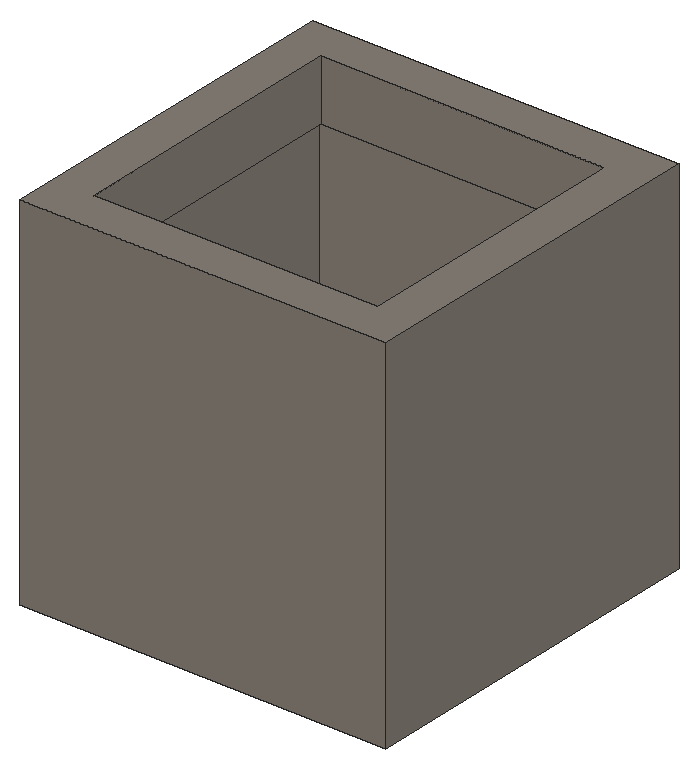
Revit family "Specialty_Equipment-Fiberglass_Planter-Planters_Unlimited-Baxter-Rectangular & Square-rev", category Specialty Equipment, Revit 2023 (continued)
Types (596): name | Type Comments | Description | CD_Width | CD_Specification | CD_Product Page URL | CD_Height | CD_Length
  108"L x 15"W x 24"H | "Rectangular Planter" | "Baxter Rectangular Planter" | 15.0" | "https://www.plantersunlimited.com/content/Planters/C19-LYN-REC.pdf" | "https://www.plantersunlimited.com/lynx-rectangular-planters48/" | 24.0" | 108.0"
  108"L x 15"W x 30"H | "Rectangular Planter" | "Baxter Rectangular Planter" | 15.0" | "https://www.plantersunlimited.com/content/Planters/C19-LYN-REC.pdf" | "https://www.plantersunlimited.com/lynx-rectangular-planters48/" | 30.0" | 108.0"
  108"L x 15"W x 36"H | "Rectangular Planter" | "Baxter Rectangular Planter" | 15.0" | "https://www.plantersunlimited.com/content/Planters/C19-LYN-REC.pdf" | "https://www.plantersunlimited.com/lynx-rectangular-planters48/" | 36.0" | 108.0"
  108"L x 15"W x 42"H | "Rectangular Planter" | "Baxter Rectangular Planter" | 15.0" | "https://www.plantersunlimited.com/content/Planters/C19-LYN-REC.pdf" | "https://www.plantersunlimited.com/lynx-rectangular-planters48/" | 42.0" | 108.0"
  108"L x 15"W x 48"H | "Rectangular Planter" | "Baxter Rectangular Planter" | 15.0" | "https://www.plantersunlimited.com/content/Planters/C19-LYN-REC.pdf" | "https://www.plantersunlimited.com/lynx-rectangular-planters48/" | 48.0" | 108.0"
  108"L x 18"W x 18"H | "Rectangular Planter" | "Baxter Rectangular Planter" | 18.0" | "https://www.plantersunlimited.com/content/Planters/C19-LYN-REC.pdf" | "https://www.plantersunlimited.com/lynx-rectangular-planters48/" | 18.0" | 108.0"
  108"L x 18"W x 24"H | "Rectangular Planter" | "Baxter Rectangular Planter" | 18.0" | "https://www.plantersunlimited.com/content/Planters/C19-LYN-REC.pdf" | "https://www.plantersunlimited.com/lynx-rectangular-planters48/" | 24.0" | 108.0"
  108"L x 18"W x 30"H | "Rectangular Planter" | "Baxter Rectangular Planter" | 18.0" | "https://www.plantersunlimited.com/content/Planters/C19-LYN-REC.pdf" | "https://www.plantersunlimited.com/lynx-rectangular-planters48/" | 30.0" | 108.0"
  108"L x 18"W x 36"H | "Rectangular Planter" | "Baxter Rectangular Planter" | 18.0" | "https://www.plantersunlimited.com/content/Planters/C19-LYN-REC.pdf" | "https://www.plantersunlimited.com/lynx-rectangular-planters48/" | 36.0" | 108.0"
  108"L x 18"W x 42"H | "Rectangular Planter" | "Baxter Rectangular Planter" | 18.0" | "https://www.plantersunlimited.com/content/Planters/C19-LYN-REC.pdf" | "https://www.plantersunlimited.com/lynx-rectangular-planters48/" | 42.0" | 108.0"
  108"L x 18"W x 48"H | "Rectangular Planter" | "Baxter Rectangular Planter" | 18.0" | "https://www.plantersunlimited.com/content/Planters/C19-LYN-REC.pdf" | "https://www.plantersunlimited.com/lynx-rectangular-planters48/" | 48.0" | 108.0"
  108"L x 24"W x 18"H | "Rectangular Planter" | "Baxter Rectangular Planter" | 24.0" | "https://www.plantersunlimited.com/content/Planters/C19-LYN-REC.pdf" | "https://www.plantersunlimited.com/lynx-rectangular-planters48/" | 18.0" | 108.0"
  108"L x 24"W x 24"H | "Rectangular Planter" | "Baxter Rectangular Planter" | 24.0" | "https://www.plantersunlimited.com/content/Planters/C19-LYN-REC.pdf" | "https://www.plantersunlimited.com/lynx-rectangular-planters48/" | 24.0" | 108.0"
  108"L x 24"W x 30"H | "Rectangular Planter" | "Baxter Rectangular Planter" | 24.0" | "https://www.plantersunlimited.com/content/Planters/C19-LYN-REC.pdf" | "https://www.plantersunlimited.com/lynx-rectangular-planters48/" | 30.0" | 108.0"
  108"L x 24"W x 36"H | "Rectangular Planter" | "Baxter Rectangular Planter" | 24.0" | "https://www.plantersunlimited.com/content/Planters/C19-LYN-REC.pdf" | "https://www.plantersunlimited.com/lynx-rectangular-planters48/" | 36.0" | 108.0"
  108"L x 24"W x 42"H | "Rectangular Planter" | "Baxter Rectangular Planter" | 24.0" | "https://www.plantersunlimited.com/content/Planters/C19-LYN-REC.pdf" | "https://www.plantersunlimited.com/lynx-rectangular-planters48/" | 42.0" | 108.0"
  108"L x 24"W x 48"H | "Rectangular Planter" | "Baxter Rectangular Planter" | 24.0" | "https://www.plantersunlimited.com/content/Planters/C19-LYN-REC.pdf" | "https://www.plantersunlimited.com/lynx-rectangular-planters48/" | 48.0" | 108.0"
  108"L x 30"W x 18"H | "Rectangular Planter" | "Baxter Rectangular Planter" | 30.0" | "https://www.plantersunlimited.com/content/Planters/C19-LYN-REC.pdf" | "https://www.plantersunlimited.com/lynx-rectangular-planters48/" | 18.0" | 108.0"
  108"L x 30"W x 24"H | "Rectangular Planter" | "Baxter Rectangular Planter" | 30.0" | "https://www.plantersunlimited.com/content/Planters/C19-LYN-REC.pdf" | "https://www.plantersunlimited.com/lynx-rectangular-planters48/" | 24.0" | 108.0"
  108"L x 30"W x 30"H | "Rectangular Planter" | "Baxter Rectangular Planter" | 30.0" | "https://www.plantersunlimited.com/content/Planters/C19-LYN-REC.pdf" | "https://www.plantersunlimited.com/lynx-rectangular-planters48/" | 30.0" | 108.0"
  108"L x 30"W x 36"H | "Rectangular Planter" | "Baxter Rectangular Planter" | 30.0" | "https://www.plantersunlimited.com/content/Planters/C19-LYN-REC.pdf" | "https://www.plantersunlimited.com/lynx-rectangular-planters48/" | 36.0" | 108.0"
  108"L x 30"W x 42"H | "Rectangular Planter" | "Baxter Rectangular Planter" | 30.0" | "https://www.plantersunlimited.com/content/Planters/C19-LYN-REC.pdf" | "https://www.plantersunlimited.com/lynx-rectangular-planters48/" | 42.0" | 108.0"
  108"L x 30"W x 48"H | "Rectangular Planter" | "Baxter Rectangular Planter" | 30.0" | "https://www.plantersunlimited.com/content/Planters/C19-LYN-REC.pdf" | "https://www.plantersunlimited.com/lynx-rectangular-planters48/" | 48.0" | 108.0"
  108"L x 36"W x 18"H | "Rectangular Planter" | "Baxter Rectangular Planter" | 36.0" | "https://www.plantersunlimited.com/content/Planters/C19-LYN-REC.pdf" | "https://www.plantersunlimited.com/lynx-rectangular-planters48/" | 18.0" | 108.0"
  108"L x 36"W x 24"H | "Rectangular Planter" | "Baxter Rectangular Planter" | 36.0" | "https://www.plantersunlimited.com/content/Planters/C19-LYN-REC.pdf" | "https://www.plantersunlimited.com/lynx-rectangular-planters48/" | 24.0" | 108.0"
  108"L x 36"W x 30"H | "Rectangular Planter" | "Baxter Rectangular Planter" | 36.0" | "https://www.plantersunlimited.com/content/Planters/C19-LYN-REC.pdf" | "https://www.plantersunlimited.com/lynx-rectangular-planters48/" | 30.0" | 108.0"
  108"L x 36"W x 36"H | "Rectangular Planter" | "Baxter Rectangular Planter" | 36.0" | "https://www.plantersunlimited.com/content/Planters/C19-LYN-REC.pdf" | "https://www.plantersunlimited.com/lynx-rectangular-planters48/" | 36.0" | 108.0"
  108"L x 36"W x 42"H | "Rectangular Planter" | "Baxter Rectangular Planter" | 36.0" | "https://www.plantersunlimited.com/content/Planters/C19-LYN-REC.pdf" | "https://www.plantersunlimited.com/lynx-rectangular-planters48/" | 42.0" | 108.0"
  108"L x 36"W x 48"H | "Rectangular Planter" | "Baxter Rectangular Planter" | 36.0" | "https://www.plantersunlimited.com/content/Planters/C19-LYN-REC.pdf" | "https://www.plantersunlimited.com/lynx-rectangular-planters48/" | 48.0" | 108.0"
  108"L x 42"W x 18"H | "Rectangular Planter" | "Baxter Rectangular Planter" | 42.0" | "https://www.plantersunlimited.com/content/Planters/C19-LYN-REC.pdf" | "https://www.plantersunlimited.com/lynx-rectangular-planters48/" | 18.0" | 108.0"
  108"L x 42"W x 24"H | "Rectangular Planter" | "Baxter Rectangular Planter" | 42.0" | "https://www.plantersunlimited.com/content/Planters/C19-LYN-REC.pdf" | "https://www.plantersunlimited.com/lynx-rectangular-planters48/" | 24.0" | 108.0"
  108"L x 42"W x 30"H | "Rectangular Planter" | "Baxter Rectangular Planter" | 42.0" | "https://www.plantersunlimited.com/content/Planters/C19-LYN-REC.pdf" | "https://www.plantersunlimited.com/lynx-rectangular-planters48/" | 30.0" | 108.0"
  108"L x 42"W x 36"H | "Rectangular Planter" | "Baxter Rectangular Planter" | 42.0" | "https://www.plantersunlimited.com/content/Planters/C19-LYN-REC.pdf" | "https://www.plantersunlimited.com/lynx-rectangular-planters48/" | 36.0" | 108.0"
  108"L x 42"W x 42"H | "Rectangular Planter" | "Baxter Rectangular Planter" | 42.0" | "https://www.plantersunlimited.com/content/Planters/C19-LYN-REC.pdf" | "https://www.plantersunlimited.com/lynx-rectangular-planters48/" | 42.0" | 108.0"
  108"L x 42"W x 48"H | "Rectangular Planter" | "Baxter Rectangular Planter" | 42.0" | "https://www.plantersunlimited.com/content/Planters/C19-LYN-REC.pdf" | "https://www.plantersunlimited.com/lynx-rectangular-planters48/" | 48.0" | 108.0"
  120"L x 12"W x 18"H | "Rectangular Planter" | "Baxter Rectangular Planter" | 12.0" | "https://www.plantersunlimited.com/content/Planters/C19-LYN-REC.pdf" | "https://www.plantersunlimited.com/lynx-rectangular-planters48/" | 18.0" | 120.0"
  120"L x 12"W x 24"H | "Rectangular Planter" | "Baxter Rectangular Planter" | 12.0" | "https://www.plantersunlimited.com/content/Planters/C19-LYN-REC.pdf" | "https://www.plantersunlimited.com/lynx-rectangular-planters48/" | 24.0" | 120.0"
  120"L x 12"W x 30"H | "Rectangular Planter" | "Baxter Rectangular Planter" | 12.0" | "https://www.plantersunlimited.com/content/Planters/C19-LYN-REC.pdf" | "https://www.plantersunlimited.com/lynx-rectangular-planters48/" | 30.0" | 120.0"
  120"L x 12"W x 36"H | "Rectangular Planter" | "Baxter Rectangular Planter" | 12.0" | "https://www.plantersunlimited.com/content/Planters/C19-LYN-REC.pdf" | "https://www.plantersunlimited.com/lynx-rectangular-planters48/" | 36.0" | 120.0"
  120"L x 15"W x 18"H | "Rectangular Planter" | "Baxter Rectangular Planter" | 15.0" | "https://www.plantersunlimited.com/content/Planters/C19-LYN-REC.pdf" | "https://www.plantersunlimited.com/lynx-rectangular-planters48/" | 18.0" | 120.0"
  120"L x 15"W x 24"H | "Rectangular Planter" | "Baxter Rectangular Planter" | 15.0" | "https://www.plantersunlimited.com/content/Planters/C19-LYN-REC.pdf" | "https://www.plantersunlimited.com/lynx-rectangular-planters48/" | 24.0" | 120.0"
  120"L x 15"W x 30"H | "Rectangular Planter" | "Baxter Rectangular Planter" | 15.0" | "https://www.plantersunlimited.com/content/Planters/C19-LYN-REC.pdf" | "https://www.plantersunlimited.com/lynx-rectangular-planters48/" | 30.0" | 120.0"
  120"L x 15"W x 36"H | "Rectangular Planter" | "Baxter Rectangular Planter" | 15.0" | "https://www.plantersunlimited.com/content/Planters/C19-LYN-REC.pdf" | "https://www.plantersunlimited.com/lynx-rectangular-planters48/" | 36.0" | 120.0"
  120"L x 15"W x 42"H | "Rectangular Planter" | "Baxter Rectangular Planter" | 15.0" | "https://www.plantersunlimited.com/content/Planters/C19-LYN-REC.pdf" | "https://www.plantersunlimited.com/lynx-rectangular-planters48/" | 42.0" | 120.0"
  120"L x 15"W x 48"H | "Rectangular Planter" | "Baxter Rectangular Planter" | 15.0" | "https://www.plantersunlimited.com/content/Planters/C19-LYN-REC.pdf" | "https://www.plantersunlimited.com/lynx-rectangular-planters48/" | 48.0" | 120.0"
  120"L x 18"W x 18"H | "Rectangular Planter" | "Baxter Rectangular Planter" | 18.0" | "https://www.plantersunlimited.com/content/Planters/C19-LYN-REC.pdf" | "https://www.plantersunlimited.com/lynx-rectangular-planters48/" | 18.0" | 120.0"
  120"L x 18"W x 24"H | "Rectangular Planter" | "Baxter Rectangular Planter" | 18.0" | "https://www.plantersunlimited.com/content/Planters/C19-LYN-REC.pdf" | "https://www.plantersunlimited.com/lynx-rectangular-planters48/" | 24.0" | 120.0"
  120"L x 18"W x 30"H | "Rectangular Planter" | "Baxter Rectangular Planter" | 18.0" | "https://www.plantersunlimited.com/content/Planters/C19-LYN-REC.pdf" | "https://www.plantersunlimited.com/lynx-rectangular-planters48/" | 30.0" | 120.0"
  120"L x 18"W x 36"H | "Rectangular Planter" | "Baxter Rectangular Planter" | 18.0" | "https://www.plantersunlimited.com/content/Planters/C19-LYN-REC.pdf" | "https://www.plantersunlimited.com/lynx-rectangular-planters48/" | 36.0" | 120.0"
  120"L x 18"W x 42"H | "Rectangular Planter" | "Baxter Rectangular Planter" | 18.0" | "https://www.plantersunlimited.com/content/Planters/C19-LYN-REC.pdf" | "https://www.plantersunlimited.com/lynx-rectangular-planters48/" | 42.0" | 120.0"
  120"L x 18"W x 48"H | "Rectangular Planter" | "Baxter Rectangular Planter" | 18.0" | "https://www.plantersunlimited.com/content/Planters/C19-LYN-REC.pdf" | "https://www.plantersunlimited.com/lynx-rectangular-planters48/" | 48.0" | 120.0"
  120"L x 24"W x 18"H | "Rectangular Planter" | "Baxter Rectangular Planter" | 24.0" | "https://www.plantersunlimited.com/content/Planters/C19-LYN-REC.pdf" | "https://www.plantersunlimited.com/lynx-rectangular-planters48/" | 18.0" | 120.0"
  120"L x 24"W x 24"H | "Rectangular Planter" | "Baxter Rectangular Planter" | 24.0" | "https://www.plantersunlimited.com/content/Planters/C19-LYN-REC.pdf" | "https://www.plantersunlimited.com/lynx-rectangular-planters48/" | 24.0" | 120.0"
  120"L x 24"W x 30"H | "Rectangular Planter" | "Baxter Rectangular Planter" | 24.0" | "https://www.plantersunlimited.com/content/Planters/C19-LYN-REC.pdf" | "https://www.plantersunlimited.com/lynx-rectangular-planters48/" | 30.0" | 120.0"
  120"L x 24"W x 36"H | "Rectangular Planter" | "Baxter Rectangular Planter" | 24.0" | "https://www.plantersunlimited.com/content/Planters/C19-LYN-REC.pdf" | "https://www.plantersunlimited.com/lynx-rectangular-planters48/" | 36.0" | 120.0"
  120"L x 24"W x 42"H | "Rectangular Planter" | "Baxter Rectangular Planter" | 24.0" | "https://www.plantersunlimited.com/content/Planters/C19-LYN-REC.pdf" | "https://www.plantersunlimited.com/lynx-rectangular-planters48/" | 42.0" | 120.0"
  120"L x 24"W x 48"H | "Rectangular Planter" | "Baxter Rectangular Planter" | 24.0" | "https://www.plantersunlimited.com/content/Planters/C19-LYN-REC.pdf" | "https://www.plantersunlimited.com/lynx-rectangular-planters48/" | 48.0" | 120.0"
  120"L x 30"W x 18"H | "Rectangular Planter" | "Baxter Rectangular Planter" | 30.0" | "https://www.plantersunlimited.com/content/Planters/C19-LYN-REC.pdf" | "https://www.plantersunlimited.com/lynx-rectangular-planters48/" | 18.0" | 120.0"
  120"L x 30"W x 24"H | "Rectangular Planter" | "Baxter Rectangular Planter" | 30.0" | "https://www.plantersunlimited.com/content/Planters/C19-LYN-REC.pdf" | "https://www.plantersunlimited.com/lynx-rectangular-planters48/" | 24.0" | 120.0"
  120"L x 30"W x 30"H | "Rectangular Planter" | "Baxter Rectangular Planter" | 30.0" | "https://www.plantersunlimited.com/content/Planters/C19-LYN-REC.pdf" | "https://www.plantersunlimited.com/lynx-rectangular-planters48/" | 30.0" | 120.0"
  120"L x 30"W x 36"H | "Rectangular Planter" | "Baxter Rectangular Planter" | 30.0" | "https://www.plantersunlimited.com/content/Planters/C19-LYN-REC.pdf" | "https://www.plantersunlimited.com/lynx-rectangular-planters48/" | 36.0" | 120.0"
  120"L x 30"W x 42"H | "Rectangular Planter" | "Baxter Rectangular Planter" | 30.0" | "https://www.plantersunlimited.com/content/Planters/C19-LYN-REC.pdf" | "https://www.plantersunlimited.com/lynx-rectangular-planters48/" | 42.0" | 120.0"
  120"L x 30"W x 48"H | "Rectangular Planter" | "Baxter Rectangular Planter" | 30.0" | "https://www.plantersunlimited.com/content/Planters/C19-LYN-REC.pdf" | "https://www.plantersunlimited.com/lynx-rectangular-planters48/" | 48.0" | 120.0"
  120"L x 36"W x 18"H | "Rectangular Planter" | "Baxter Rectangular Planter" | 36.0" | "https://www.plantersunlimited.com/content/Planters/C19-LYN-REC.pdf" | "https://www.plantersunlimited.com/lynx-rectangular-planters48/" | 18.0" | 120.0"
  120"L x 36"W x 24"H | "Rectangular Planter" | "Baxter Rectangular Planter" | 36.0" | "https://www.plantersunlimited.com/content/Planters/C19-LYN-REC.pdf" | "https://www.plantersunlimited.com/lynx-rectangular-planters48/" | 24.0" | 120.0"
  120"L x 36"W x 30"H | "Rectangular Planter" | "Baxter Rectangular Planter" | 36.0" | "https://www.plantersunlimited.com/content/Planters/C19-LYN-REC.pdf" | "https://www.plantersunlimited.com/lynx-rectangular-planters48/" | 30.0" | 120.0"
  120"L x 36"W x 36"H | "Rectangular Planter" | "Baxter Rectangular Planter" | 36.0" | "https://www.plantersunlimited.com/content/Planters/C19-LYN-REC.pdf" | "https://www.plantersunlimited.com/lynx-rectangular-planters48/" | 36.0" | 120.0"
  120"L x 36"W x 42"H | "Rectangular Planter" | "Baxter Rectangular Planter" | 36.0" | "https://www.plantersunlimited.com/content/Planters/C19-LYN-REC.pdf" | "https://www.plantersunlimited.com/lynx-rectangular-planters48/" | 42.0" | 120.0"
  120"L x 36"W x 48"H | "Rectangular Planter" | "Baxter Rectangular Planter" | 36.0" | "https://www.plantersunlimited.com/content/Planters/C19-LYN-REC.pdf" | "https://www.plantersunlimited.com/lynx-rectangular-planters48/" | 48.0" | 120.0"
  120"L x 42"W x 18"H | "Rectangular Planter" | "Baxter Rectangular Planter" | 42.0" | "https://www.plantersunlimited.com/content/Planters/C19-LYN-REC.pdf" | "https://www.plantersunlimited.com/lynx-rectangular-planters48/" | 18.0" | 120.0"
  120"L x 42"W x 24"H | "Rectangular Planter" | "Baxter Rectangular Planter" | 42.0" | "https://www.plantersunlimited.com/content/Planters/C19-LYN-REC.pdf" | "https://www.plantersunlimited.com/lynx-rectangular-planters48/" | 24.0" | 120.0"
  120"L x 42"W x 30"H | "Rectangular Planter" | "Baxter Rectangular Planter" | 42.0" | "https://www.plantersunlimited.com/content/Planters/C19-LYN-REC.pdf" | "https://www.plantersunlimited.com/lynx-rectangular-planters48/" | 30.0" | 120.0"
  120"L x 42"W x 36"H | "Rectangular Planter" | "Baxter Rectangular Planter" | 42.0" | "https://www.plantersunlimited.com/content/Planters/C19-LYN-REC.pdf" | "https://www.plantersunlimited.com/lynx-rectangular-planters48/" | 36.0" | 120.0"
  120"L x 42"W x 42"H | "Rectangular Planter" | "Baxter Rectangular Planter" | 42.0" | "https://www.plantersunlimited.com/content/Planters/C19-LYN-REC.pdf" | "https://www.plantersunlimited.com/lynx-rectangular-planters48/" | 42.0" | 120.0"
  120"L x 42"W x 48"H | "Rectangular Planter" | "Baxter Rectangular Planter" | 42.0" | "https://www.plantersunlimited.com/content/Planters/C19-LYN-REC.pdf" | "https://www.plantersunlimited.com/lynx-rectangular-planters48/" | 48.0" | 120.0"
  18"L x 18"W x 18"H | "Square Planter" | "Baxter Square Planter" | 18.0" | "https://www.plantersunlimited.com/content/Planters/C19-LYN-REC.pdf" | "https://www.plantersunlimited.com/lynx-rectangular-planters48/" | 18.0" | 18.0"
  18"L x 18"W x 24"H | "Square Planter" | "Baxter Square Planter" | 18.0" | "https://www.plantersunlimited.com/content/Planters/C19-LYN-REC.pdf" | "https://www.plantersunlimited.com/lynx-rectangular-planters48/" | 24.0" | 18.0"
  18"L x 18"W x 30"H | "Square Planter" | "Baxter Square Planter" | 18.0" | "https://www.plantersunlimited.com/content/Planters/C19-LYN-REC.pdf" | "https://www.plantersunlimited.com/lynx-rectangular-planters48/" | 30.0" | 18.0"
  18"L x 18"W x 36"H | "Square Planter" | "Baxter Square Planter" | 18.0" | "https://www.plantersunlimited.com/content/Planters/C19-LYN-REC.pdf" | "https://www.plantersunlimited.com/lynx-rectangular-planters48/" | 36.0" | 18.0"
  18"L x 18"W x 42"H | "Square Planter" | "Baxter Square Planter" | 18.0" | "https://www.plantersunlimited.com/content/Planters/C19-LYN-REC.pdf" | "https://www.plantersunlimited.com/lynx-rectangular-planters48/" | 42.0" | 18.0"
  18"L x 18"W x 48"H | "Square Planter" | "Baxter Square Planter" | 18.0" | "https://www.plantersunlimited.com/content/Planters/C19-LYN-REC.pdf" | "https://www.plantersunlimited.com/lynx-rectangular-planters48/" | 48.0" | 18.0"
  18"L x 18"W x 54"H | "Square Planter" | "Baxter Square Planter" | 18.0" | "https://www.plantersunlimited.com/content/Planters/C19-LYN-REC.pdf" | "https://www.plantersunlimited.com/lynx-rectangular-planters48/" | 54.0" | 18.0"
  18"L x 18"W x 60"H | "Square Planter" | "Baxter Square Planter" | 18.0" | "https://www.plantersunlimited.com/content/Planters/C19-LYN-REC.pdf" | "https://www.plantersunlimited.com/lynx-rectangular-planters48/" | 60.0" | 18.0"
  24"L x 24"W x 18"H | "Square Planter" | "Baxter Square Planter" | 24.0" | "https://www.plantersunlimited.com/content/Planters/F1-BAX-REC.pdf" | "https://www.plantersunlimited.com/baxter-fiberglass-rectangular-planter/" | 18.0" | 24.0"
  24"L x 24"W x 24"H | "Square Planter" | "Baxter Square Planter" | 24.0" | "https://www.plantersunlimited.com/content/Planters/C19-LYN-REC.pdf" | "https://www.plantersunlimited.com/lynx-rectangular-planters48/" | 24.0" | 24.0"
  24"L x 24"W x 30"H | "Square Planter" | "Baxter Square Planter" | 24.0" | "https://www.plantersunlimited.com/content/Planters/C19-LYN-REC.pdf" | "https://www.plantersunlimited.com/lynx-rectangular-planters48/" | 30.0" | 24.0"
  24"L x 24"W x 36"H | "Square Planter" | "Baxter Square Planter" | 24.0" | "https://www.plantersunlimited.com/content/Planters/C19-LYN-REC.pdf" | "https://www.plantersunlimited.com/lynx-rectangular-planters48/" | 36.0" | 24.0"
  24"L x 24"W x 42"H | "Square Planter" | "Baxter Square Planter" | 24.0" | "https://www.plantersunlimited.com/content/Planters/C19-LYN-REC.pdf" | "https://www.plantersunlimited.com/lynx-rectangular-planters48/" | 42.0" | 24.0"
  24"L x 24"W x 48"H | "Square Planter" | "Baxter Square Planter" | 24.0" | "https://www.plantersunlimited.com/content/Planters/C19-LYN-REC.pdf" | "https://www.plantersunlimited.com/lynx-rectangular-planters48/" | 48.0" | 24.0"
  24"L x 24"W x 54"H | "Square Planter" | "Baxter Square Planter" | 24.0" | "https://www.plantersunlimited.com/content/Planters/C19-LYN-REC.pdf" | "https://www.plantersunlimited.com/lynx-rectangular-planters48/" | 54.0" | 24.0"
  24"L x 24"W x 60"H | "Square Planter" | "Baxter Square Planter" | 24.0" | "https://www.plantersunlimited.com/content/Planters/C19-LYN-REC.pdf" | "https://www.plantersunlimited.com/lynx-rectangular-planters48/" | 60.0" | 24.0"
  30"L x 30"W x 18"H | "Square Planter" | "Baxter Square Planter" | 30.0" | "https://www.plantersunlimited.com/content/Planters/C19-LYN-REC.pdf" | "https://www.plantersunlimited.com/lynx-rectangular-planters48/" | 18.0" | 30.0"
  30"L x 30"W x 24"H | "Square Planter" | "Baxter Square Planter" | 30.0" | "https://www.plantersunlimited.com/content/Planters/C19-LYN-REC.pdf" | "https://www.plantersunlimited.com/lynx-rectangular-planters48/" | 24.0" | 30.0"
  30"L x 30"W x 30"H | "Square Planter" | "Baxter Square Planter" | 30.0" | "https://www.plantersunlimited.com/content/Planters/C19-LYN-REC.pdf" | "https://www.plantersunlimited.com/lynx-rectangular-planters48/" | 30.0" | 30.0"
  30"L x 30"W x 36"H | "Square Planter" | "Baxter Square Planter" | 30.0" | "https://www.plantersunlimited.com/content/Planters/C19-LYN-REC.pdf" | "https://www.plantersunlimited.com/lynx-rectangular-planters48/" | 36.0" | 30.0"
  30"L x 30"W x 42"H | "Square Planter" | "Baxter Square Planter" | 30.0" | "https://www.plantersunlimited.com/content/Planters/C19-LYN-REC.pdf" | "https://www.plantersunlimited.com/lynx-rectangular-planters48/" | 42.0" | 30.0"
  30"L x 30"W x 48"H | "Square Planter" | "Baxter Square Planter" | 30.0" | "https://www.plantersunlimited.com/content/Planters/C19-LYN-REC.pdf" | "https://www.plantersunlimited.com/lynx-rectangular-planters48/" | 48.0" | 30.0"
  30"L x 30"W x 54"H | "Square Planter" | "Baxter Square Planter" | 30.0" | "https://www.plantersunlimited.com/content/Planters/C19-LYN-REC.pdf" | "https://www.plantersunlimited.com/lynx-rectangular-planters48/" | 54.0" | 30.0"
  30"L x 30"W x 60"H | "Square Planter" | "Baxter Square Planter" | 30.0" | "https://www.plantersunlimited.com/content/Planters/C19-LYN-REC.pdf" | "https://www.plantersunlimited.com/lynx-rectangular-planters48/" | 60.0" | 30.0"
  36"L x 36"W x 18"H | "Square Planter" | "Baxter Square Planter" | 36.0" | "https://www.plantersunlimited.com/content/Planters/C19-LYN-REC.pdf" | "https://www.plantersunlimited.com/lynx-rectangular-planters48/" | 18.0" | 36.0"
  36"L x 36"W x 24"H | "Square Planter" | "Baxter Square Planter" | 36.0" | "https://www.plantersunlimited.com/content/Planters/C19-LYN-REC.pdf" | "https://www.plantersunlimited.com/lynx-rectangular-planters48/" | 24.0" | 36.0"
  36"L x 36"W x 30"H | "Square Planter" | "Baxter Square Planter" | 36.0" | "https://www.plantersunlimited.com/content/Planters/C19-LYN-REC.pdf" | "https://www.plantersunlimited.com/lynx-rectangular-planters48/" | 30.0" | 36.0"
  36"L x 36"W x 36"H | "Square Planter" | "Baxter Square Planter" | 36.0" | "https://www.plantersunlimited.com/content/Planters/C19-LYN-REC.pdf" | "https://www.plantersunlimited.com/lynx-rectangular-planters48/" | 36.0" | 36.0"
  36"L x 36"W x 42"H | "Square Planter" | "Baxter Square Planter" | 36.0" | "https://www.plantersunlimited.com/content/Planters/C19-LYN-REC.pdf" | "https://www.plantersunlimited.com/lynx-rectangular-planters48/" | 42.0" | 36.0"
  36"L x 36"W x 48"H | "Square Planter" | "Baxter Square Planter" | 36.0" | "https://www.plantersunlimited.com/content/Planters/C19-LYN-REC.pdf" | "https://www.plantersunlimited.com/lynx-rectangular-planters48/" | 48.0" | 36.0"
  36"L x 36"W x 54"H | "Square Planter" | "Baxter Square Planter" | 36.0" | "https://www.plantersunlimited.com/content/Planters/C19-LYN-REC.pdf" | "https://www.plantersunlimited.com/lynx-rectangular-planters48/" | 54.0" | 36.0"
  36"L x 36"W x 60"H | "Square Planter" | "Baxter Square Planter" | 36.0" | "https://www.plantersunlimited.com/content/Planters/C19-LYN-REC.pdf" | "https://www.plantersunlimited.com/lynx-rectangular-planters48/" | 60.0" | 36.0"
  42"L x 42"W x 18"H | "Square Planter" | "Baxter Square Planter" | 42.0" | "https://www.plantersunlimited.com/content/Planters/C19-LYN-REC.pdf" | "https://www.plantersunlimited.com/lynx-rectangular-planters48/" | 18.0" | 42.0"
  42"L x 42"W x 24"H | "Square Planter" | "Baxter Square Planter" | 42.0" | "https://www.plantersunlimited.com/content/Planters/C19-LYN-REC.pdf" | "https://www.plantersunlimited.com/lynx-rectangular-planters48/" | 24.0" | 42.0"
  42"L x 42"W x 30"H | "Square Planter" | "Baxter Square Planter" | 42.0" | "https://www.plantersunlimited.com/content/Planters/C19-LYN-REC.pdf" | "https://www.plantersunlimited.com/lynx-rectangular-planters48/" | 30.0" | 42.0"
  42"L x 42"W x 36"H | "Square Planter" | "Baxter Square Planter" | 42.0" | "https://www.plantersunlimited.com/content/Planters/C19-LYN-REC.pdf" | "https://www.plantersunlimited.com/lynx-rectangular-planters48/" | 36.0" | 42.0"
  42"L x 42"W x 42"H | "Square Planter" | "Baxter Square Planter" | 42.0" | "https://www.plantersunlimited.com/content/Planters/C19-LYN-REC.pdf" | "https://www.plantersunlimited.com/lynx-rectangular-planters48/" | 42.0" | 42.0"
  42"L x 42"W x 48"H | "Square Planter" | "Baxter Square Planter" | 42.0" | "https://www.plantersunlimited.com/content/Planters/C19-LYN-REC.pdf" | "https://www.plantersunlimited.com/lynx-rectangular-planters48/" | 48.0" | 42.0"
  42"L x 42"W x 54"H | "Square Planter" | "Baxter Square Planter" | 42.0" | "https://www.plantersunlimited.com/content/Planters/C19-LYN-REC.pdf" | "https://www.plantersunlimited.com/lynx-rectangular-planters48/" | 54.0" | 42.0"
  42"L x 42"W x 60"H | "Square Planter" | "Baxter Square Planter" | 42.0" | "https://www.plantersunlimited.com/content/Planters/C19-LYN-REC.pdf" | "https://www.plantersunlimited.com/lynx-rectangular-planters48/" | 60.0" | 42.0"
  48"L x 48"W x 18"H | "Square Planter" | "Baxter Square Planter" | 48.0" | "https://www.plantersunlimited.com/content/Planters/C19-LYN-REC.pdf" | "https://www.plantersunlimited.com/lynx-rectangular-planters48/" | 18.0" | 48.0"
  48"L x 48"W x 24"H | "Square Planter" | "Baxter Square Planter" | 48.0" | "https://www.plantersunlimited.com/content/Planters/C19-LYN-REC.pdf" | "https://www.plantersunlimited.com/lynx-rectangular-planters48/" | 24.0" | 48.0"
  48"L x 48"W x 30"H | "Square Planter" | "Baxter Square Planter" | 48.0" | "https://www.plantersunlimited.com/content/Planters/C19-LYN-REC.pdf" | "https://www.plantersunlimited.com/lynx-rectangular-planters48/" | 30.0" | 48.0"
  48"L x 48"W x 36"H | "Square Planter" | "Baxter Square Planter" | 48.0" | "https://www.plantersunlimited.com/content/Planters/C19-LYN-REC.pdf" | "https://www.plantersunlimited.com/lynx-rectangular-planters48/" | 36.0" | 48.0"
  48"L x 48"W x 42"H | "Square Planter" | "Baxter Square Planter" | 48.0" | "https://www.plantersunlimited.com/content/Planters/C19-LYN-REC.pdf" | "https://www.plantersunlimited.com/lynx-rectangular-planters48/" | 42.0" | 48.0"
  48"L x 48"W x 48"H | "Square Planter" | "Baxter Square Planter" | 48.0" | "https://www.plantersunlimited.com/content/Planters/C19-LYN-REC.pdf" | "https://www.plantersunlimited.com/lynx-rectangular-planters48/" | 48.0" | 48.0"
  48"L x 48"W x 54"H | "Square Planter" | "Baxter Square Planter" | 48.0" | "https://www.plantersunlimited.com/content/Planters/C19-LYN-REC.pdf" | "https://www.plantersunlimited.com/lynx-rectangular-planters48/" | 54.0" | 48.0"
  48"L x 48"W x 60"H | "Square Planter" | "Baxter Square Planter" | 48.0" | "https://www.plantersunlimited.com/content/Planters/C19-LYN-REC.pdf" | "https://www.plantersunlimited.com/lynx-rectangular-planters48/" | 60.0" | 48.0"
  60"L x 60"W x 18"H | "Square Planter" | "Baxter Square Planter" | 60.0" | "https://www.plantersunlimited.com/content/Planters/C19-LYN-REC.pdf" | "https://www.plantersunlimited.com/lynx-rectangular-planters48/" | 18.0" | 60.0"
  60"L x 60"W x 24"H | "Square Planter" | "Baxter Square Planter" | 60.0" | "https://www.plantersunlimited.com/content/Planters/C19-LYN-REC.pdf" | "https://www.plantersunlimited.com/lynx-rectangular-planters48/" | 24.0" | 60.0"
  60"L x 60"W x 30"H | "Square Planter" | "Baxter Square Planter" | 60.0" | "https://www.plantersunlimited.com/content/Planters/C19-LYN-REC.pdf" | "https://www.plantersunlimited.com/lynx-rectangular-planters48/" | 30.0" | 60.0"
  60"L x 60"W x 36"H | "Square Planter" | "Baxter Square Planter" | 60.0" | "https://www.plantersunlimited.com/content/Planters/C19-LYN-REC.pdf" | "https://www.plantersunlimited.com/lynx-rectangular-planters48/" | 36.0" | 60.0"
  60"L x 60"W x 42"H | "Square Planter" | "Baxter Square Planter" | 60.0" | "https://www.plantersunlimited.com/content/Planters/C19-LYN-REC.pdf" | "https://www.plantersunlimited.com/lynx-rectangular-planters48/" | 42.0" | 60.0"
  60"L x 60"W x 48"H | "Square Planter" | "Baxter Square Planter" | 60.0" | "https://www.plantersunlimited.com/content/Planters/C19-LYN-REC.pdf" | "https://www.plantersunlimited.com/lynx-rectangular-planters48/" | 48.0" | 60.0"
  60"L x 60"W x 54"H | "Square Planter" | "Baxter Square Planter" | 60.0" | "https://www.plantersunlimited.com/content/Planters/C19-LYN-REC.pdf" | "https://www.plantersunlimited.com/lynx-rectangular-planters48/" | 54.0" | 60.0"
  60"L x 60"W x 60"H | "Square Planter" | "Baxter Square Planter" | 60.0" | "https://www.plantersunlimited.com/content/Planters/C19-LYN-REC.pdf" | "https://www.plantersunlimited.com/lynx-rectangular-planters48/" | 60.0" | 60.0"
  66"L x 66"W x 18"H | "Square Planter" | "Baxter Square Planter" | 66.0" | "https://www.plantersunlimited.com/content/Planters/C19-LYN-REC.pdf" | "https://www.plantersunlimited.com/lynx-rectangular-planters48/" | 18.0" | 66.0"
  66"L x 66"W x 24"H | "Square Planter" | "Baxter Square Planter" | 66.0" | "https://www.plantersunlimited.com/content/Planters/C19-LYN-REC.pdf" | "https://www.plantersunlimited.com/lynx-rectangular-planters48/" | 24.0" | 66.0"
  66"L x 66"W x 30"H | "Square Planter" | "Baxter Square Planter" | 66.0" | "https://www.plantersunlimited.com/content/Planters/C19-LYN-REC.pdf" | "https://www.plantersunlimited.com/lynx-rectangular-planters48/" | 30.0" | 66.0"
  66"L x 66"W x 36"H | "Square Planter" | "Baxter Square Planter" | 66.0" | "https://www.plantersunlimited.com/content/Planters/C19-LYN-REC.pdf" | "https://www.plantersunlimited.com/lynx-rectangular-planters48/" | 36.0" | 66.0"
  66"L x 66"W x 42"H | "Square Planter" | "Baxter Square Planter" | 66.0" | "https://www.plantersunlimited.com/content/Planters/C19-LYN-REC.pdf" | "https://www.plantersunlimited.com/lynx-rectangular-planters48/" | 42.0" | 66.0"
  66"L x 66"W x 48"H | "Square Planter" | "Baxter Square Planter" | 66.0" | "https://www.plantersunlimited.com/content/Planters/C19-LYN-REC.pdf" | "https://www.plantersunlimited.com/lynx-rectangular-planters48/" | 48.0" | 66.0"
  66"L x 66"W x 54"H | "Square Planter" | "Baxter Square Planter" | 66.0" | "https://www.plantersunlimited.com/content/Planters/C19-LYN-REC.pdf" | "https://www.plantersunlimited.com/lynx-rectangular-planters48/" | 54.0" | 66.0"
  66"L x 66"W x 60"H | "Square Planter" | "Baxter Square Planter" | 66.0" | "https://www.plantersunlimited.com/content/Planters/C19-LYN-REC.pdf" | "https://www.plantersunlimited.com/lynx-rectangular-planters48/" | 60.0" | 66.0"
  72"L x 72"W x 18"H | "Square Planter" | "Baxter Square Planter" | 72.0" | "https://www.plantersunlimited.com/content/Planters/C19-LYN-REC.pdf" | "https://www.plantersunlimited.com/lynx-rectangular-planters48/" | 18.0" | 72.0"
  72"L x 72"W x 24"H | "Square Planter" | "Baxter Square Planter" | 72.0" | "https://www.plantersunlimited.com/content/Planters/C19-LYN-REC.pdf" | "https://www.plantersunlimited.com/lynx-rectangular-planters48/" | 24.0" | 72.0"
  72"L x 72"W x 30"H | "Square Planter" | "Baxter Square Planter" | 72.0" | "https://www.plantersunlimited.com/content/Planters/C19-LYN-REC.pdf" | "https://www.plantersunlimited.com/lynx-rectangular-planters48/" | 30.0" | 72.0"
  72"L x 72"W x 36"H | "Square Planter" | "Baxter Square Planter" | 72.0" | "https://www.plantersunlimited.com/content/Planters/C19-LYN-REC.pdf" | "https://www.plantersunlimited.com/lynx-rectangular-planters48/" | 36.0" | 72.0"
  72"L x 72"W x 42"H | "Square Planter" | "Baxter Square Planter" | 72.0" | "https://www.plantersunlimited.com/content/Planters/C19-LYN-REC.pdf" | "https://www.plantersunlimited.com/lynx-rectangular-planters48/" | 42.0" | 72.0"
  72"L x 72"W x 48"H | "Square Planter" | "Baxter Square Planter" | 72.0" | "https://www.plantersunlimited.com/content/Planters/C19-LYN-REC.pdf" | "https://www.plantersunlimited.com/lynx-rectangular-planters48/" | 48.0" | 72.0"
  72"L x 72"W x 54"H | "Square Planter" | "Baxter Square Planter" | 72.0" | "https://www.plantersunlimited.com/content/Planters/C19-LYN-REC.pdf" | "https://www.plantersunlimited.com/lynx-rectangular-planters48/" | 54.0" | 72.0"
  72"L x 72"W x 60"H | "Square Planter" | "Baxter Square Planter" | 72.0" | "https://www.plantersunlimited.com/content/Planters/C19-LYN-REC.pdf" | "https://www.plantersunlimited.com/lynx-rectangular-planters48/" | 60.0" | 72.0"
